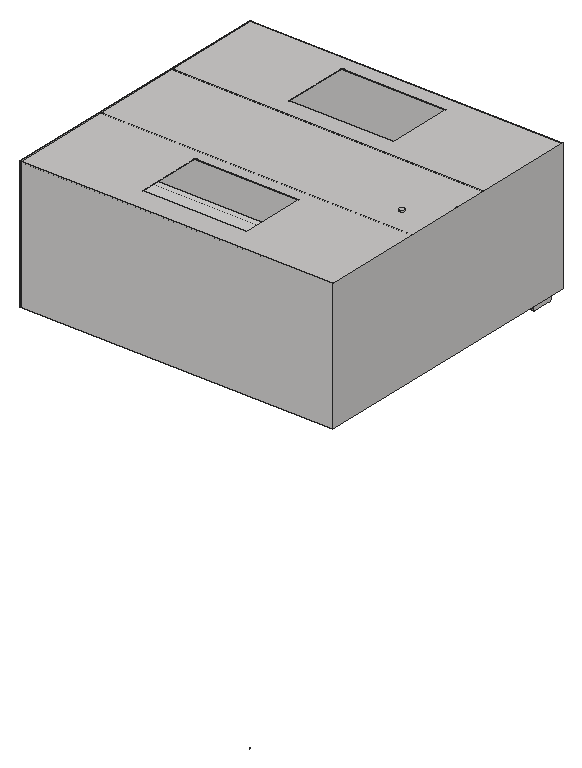
Revit family "QF_ELECTROLUXPROFESSIONAL_641249_STPF1112", category Specialty Equipment, Revit 2014
Reference planes
  plane 1: z = 0
  plane 2 "Center (Left/Right)": x = 150
  plane 3 "LEFT": x = -450
  plane 4 "RIGHT": x = 750
  plane 5 "BACK": y = 550
  plane 6 "TOP": z = 2500
  plane 7 "Base": z = 2000
  plane 8: z = 1955
  plane 9 "DrainY": y = 490
  plane 10: x = -447
  plane 11 "DrainX": x = 630
  plane 12 "AOLeft2": x = 350
  plane 13: x = 747
  plane 14: x = -250
  plane 15: x = 550
  plane 16 "Center (Front/Back)": y = -100
  plane 17 "Front": y = -550
  plane 18 "AOLeft1": x = -50
  plane 19: y = -464
  plane 20: y = -214
  plane 21: y = 240
  plane 22: y = 490
  plane 23 "EI_y": y = -70
  plane 24 "EIx": x = 630
Forms (mm)
  Extrusion 1, solid, material "QF_Finishes_Stainless Steel"
    sketch origin (-450, 0, 360) x (0, 1, 0) y (0, 0, 1)
      loop
        line (550, 1640) -> (550, 2140) -> (-550, 2140) -> (-550, 1640) -> (550, 1640)
    from 0 to 3
  Extrusion 2, solid, material "QF_Finishes_Stainless Steel"
    sketch origin (750, 0, 360) x (0, 1, 0) y (0, 0, 1)
      loop
        line (550, 1640) -> (550, 2140) -> (-550, 2140) -> (-550, 1640) -> (550, 1640)
    from 0 to -3
  Extrusion 3, solid, material "QF_Finishes_Stainless Steel"
    sketch origin (150, 0, 360) x (0, 1, 0) y (0, 0, 1)
      loop
        line (-550, 2140) -> (-550, 1640) -> (-540, 1640) -> (-540, 1640.8) -> (-549.2, 1640.8) -> (-549.2, 2139.19) -> (549.2, 2139.19) -> (549.2, 1640.8) -> (540, 1640.8) -> (540, 1640) -> (550, 1640) -> (550, 2140) -> (-550, 2140)
    from -600 to 600
  Extrusion 4, solid, material "QF_Finishes_Stainless Steel"
    sketch origin (0, 0, 2000) x (0, 1, 0) y (-1, 0, 0)
      loop
        circle (490, -630) r 4.763
    from -30 to 0
  Extrusion 5, void
    sketch origin (0, 0, 2500) x (0, 1, 0) y (-1, 0, 0)
      loop
        line (-214, -350) -> (-214, 50) -> (-464, 50) -> (-464, -350) -> (-214, -350)
    from 0 to -10
  Extrusion 6, solid, material "QF_Finishes_Stainless Steel"
    sketch origin (0, 0, 0) x (1, 0, 0) y (0, 1, 0)
      loop
        line (-450, 550) -> (-450, 549) -> (-449, 549) -> (-449, 550) -> (-450, 550)
    from 0 to 1
  Extrusion 7, solid, material "QF_LAMPS"
    sketch origin (150, 0, 360) x (0, 1, 0) y (0, 0, 1)
      loop
        line (-172.823, 1962.324) -> (-18.948, 2086.929) -> (-27.129, 2097.032) -> (-181.003, 1972.426) -> (-172.823, 1962.324)
    from 597 to -597
  Sweep 8, solid, material "QF_Finishes_Stainless Steel"
    path origin (0, 0, 0) x (1, 0, 0) y (0, 1, 0)
      loop
        line (750, 550) -> (-450, 550) -> (-450, -550) -> (750, -550) -> (750, 550)
    profile origin (750, 0, 0) x (1, 0, 0) y (0, 0, 1)
      loop
        line (-3, 2000) -> (-3, 2000.8) -> (-19, 2000.8) -> (-19, 2010) -> (-20, 2010) -> (-20, 2000) -> (-3, 2000)
  Extrusion 9, solid, material "QF_Finishes_Stainless Steel"
    sketch origin (150, 0, 0) x (0, 1, 0) y (0, 0, 1)
      loop
        line (414.66, 2095.469) -> (440.643, 2110.471) -> (261.744, 2411.771) -> (235.948, 2396.455) -> (414.66, 2095.469)
    from -597 to -400
  Extrusion 10, solid, material "QF_Finishes_Stainless Steel"
    sketch origin (630, 0, 0) x (0, 1, 0) y (0, 0, 1)
      loop
        line (539, 2000) -> (441, 2000) -> (441, 1989) -> (448.5, 1989) -> (448.5, 1965)
        arc (448.5, 1965) -> (451.429, 1957.929) -> (458.5, 1955) r 10
        line (458.5, 1955) -> (521.5, 1955)
        arc (521.5, 1955) -> (528.571, 1957.929) -> (531.5, 1965) r 10
        line (531.5, 1965) -> (531.5, 1989) -> (539, 1989) -> (539, 2000)
    from 90 to -90
  Extrusion 11, solid, material "QF_Finishes_Stainless Steel"
    sketch origin (150, 0, 0) x (0, 1, 0) y (0, 0, 1)
      loop
        line (414.66, 2095.469) -> (440.643, 2110.471) -> (261.744, 2411.771) -> (235.948, 2396.455) -> (414.66, 2095.469)
    from 400 to 597
  Extrusion 12, solid, material "QF_Finished_Chrome"
    sketch origin (150, 0, 0) x (0, 1, 0) y (0, 0, 1)
      loop
        line (414.66, 2095.469) -> (440.643, 2110.471) -> (261.744, 2411.771) -> (235.948, 2396.455) -> (414.66, 2095.469)
    from -400 to 400
  Extrusion 13, void
    sketch origin (0, 1180, 2500) x (0, 1, 0) y (-1, 0, 0)
      loop
        line (-690, -350) -> (-690, 50) -> (-940, 50) -> (-940, -350) -> (-690, -350)
    from 0 to -10
  Extrusion 14, solid, material "QF_Finishes_Stainless Steel"
    sketch origin (0, 0, 2500) x (0, 1, 0) y (-1, 0, 0)
      loop
        circle (-70, -630) r 10
    from 0 to 1.6
  Extrusion 15, solid, material "QF_Finishes_Stainless Steel"
    sketch origin (150, 0, 360) x (0, 1, 0) y (0, 0, 1)
      loop
        line (430.005, 1640) -> (540, 1640) -> (540, 1640.8) -> (430.467, 1640.8) -> (371.906, 1742.23) -> (414.858, 1734.657) -> (442.266, 1750.481) -> (442.266, 1765.943) -> (441.466, 1765.943) -> (441.466, 1750.943) -> (414.709, 1735.495) -> (321.153, 1751.991) -> (320.875, 1750.416) -> (371.4, 1741.507) -> (430.005, 1640)
      loop
        line (172.529, 2139.19) -> (242.893, 2017.316) -> (245.133, 2018.715) -> (240.13, 2027.381) -> (238.569, 2026.405) -> (173.453, 2139.19) -> (172.529, 2139.19)
    from -597 to 597
  Extrusion 16, solid, material "QF_Finishes_Stainless Steel"
    sketch origin (150, 200.8, 360) x (0, 1, 0) y (0, 0, 1)
      loop
        line (-750, 2139.19) -> (-750, 1640) -> (-686.602, 1640) -> (-599.146, 1690.493) -> (-610.058, 1709.394) -> (-666.564, 1676.77) -> (-714.704, 1680.982) -> (-749.2, 1730.248) -> (-749.2, 2139.19) -> (-750, 2139.19)
      loop
        line (-373.6, 1961.694) -> (-381.937, 1971.99) -> (-369.095, 1982.182) -> (-369.095, 2139.19) -> (-369.895, 2139.19) -> (-369.895, 1982.569) -> (-682.298, 1734.63) -> (-671.091, 1720.79) -> (-373.6, 1961.694)
      loop
        line (-227.61, 2099.216) -> (-218.171, 2087.559) -> (-154.411, 2139.19) -> (-155.682, 2139.19) -> (-218.052, 2088.684) -> (-226.989, 2099.719) -> (-227.61, 2099.216)
    from -597 to 597
  Extrusion 17, solid, material "QF_Finishes_Stainless Steel"
    sketch origin (0, 0, 2500) x (0, 1, 0) y (-1, 0, 0)
      loop
        circle (-70, -630) r 10
    from 0 to 1.6
Cuts and joins
  Extrusion 5, Extrusion 13 cuts Extrusion 3
  joined: Extrusion 2, Extrusion 3, Sweep 8
Lines and regions (mm)
  symbolic lines, style "SpecialityEquipment", detail levels coarse
    curve 1: line (750, 550, 2500) -> (-450, 550, 2500)
    curve 2: line (-450, 550, 2500) -> (-450, -550, 2500)
    curve 3: line (750, -550, 2500) -> (750, 550, 2500)
    curve 4: line (-450, 550, 0) -> (750, -550, 0)
    curve 5: line (750, 550, 0) -> (-450, -550, 0)
    curve 6: line (-450, -550, 0) -> (750, -550, 0)
  symbolic lines, detail levels coarse
    curve 7: line (-50, 240, 2500) -> (350, 240, 2500)
    curve 8: line (-50, 490, 2500) -> (-50, 240, 2500)
    curve 9: line (350, 490, 2500) -> (-50, 490, 2500)
    curve 10: line (350, 240, 2500) -> (350, 490, 2500)
    curve 11: line (-50, -214, 2500) -> (350, -214, 2500)
    curve 12: line (-50, -464, 2500) -> (-50, -214, 2500)
    curve 13: line (350, -464, 2500) -> (-50, -464, 2500)
    curve 14: line (350, -214, 2500) -> (350, -464, 2500)
Dimensions and locks
  plane 3 "LEFT" to plane 4 "RIGHT" = 1200 mm
  equal spacing: plane 3 "LEFT", plane 2 "Center (Left/Right)", plane 4 "RIGHT"
  plane 7 "Base" to plane 8 = 45 mm
  plane 5 "BACK" to plane 9 "DrainY" = 60 mm  (x2)
  plane 3 "LEFT" to plane 10 = 3 mm
  plane 11 "DrainX" to plane 4 "RIGHT" = 120 mm
  plane 13 to plane 4 "RIGHT" = 3 mm
  plane 3 "LEFT" to plane 14 = 200 mm
  plane 15 to plane 4 "RIGHT" = 200 mm
  locked: plane 7 "Base" to level at 2000
  locked: plane 6 "TOP" to plane 7 "Base" at 500
  locked: plane 20 to plane 19 at 250
  locked: plane 19 to plane 17 "Front" at 86
  locked: plane 22 to plane 21 at 250
  locked: plane 5 "BACK" to plane 22 at 60
  locked: plane 23 "EI_y" to plane 17 "Front" at 480
  locked: plane 24 "EIx" to plane 4 "RIGHT" at 120
  locked: plane 18 "AOLeft1" to plane 12 "AOLeft2" at 400
  equal spacing: plane 18 "AOLeft1", plane 2 "Center (Left/Right)", plane 12 "AOLeft2"
  locked: plane 5 "BACK" to plane 17 "Front" at 1100
  plane 5 "BACK" to plane 17 "Front" = 1100 mm
  aligned and locked: level to plane 1
  aligned and locked: plane 4 "RIGHT" to Extrusion 3
  aligned and locked: Extrusion 3 to plane 3 "LEFT"
  aligned and locked: Extrusion 2 to plane 13
  aligned and locked: Extrusion 9 to plane 10
  aligned and locked: Extrusion 5 to plane 18 "AOLeft1"
  aligned and locked: Extrusion 5 to plane 12 "AOLeft2"
  aligned and locked: plane 14 to Extrusion 9
  aligned and locked: plane 15 to Extrusion 11
  aligned and locked: plane 13 to Extrusion 11
  aligned and locked: Extrusion 12 to plane 14
  aligned and locked: Extrusion 12 to plane 15
  aligned and locked: plane 13 to Extrusion 7
  aligned and locked: Extrusion 7 to plane 10
  aligned and locked: Extrusion 13 to plane 21
  aligned and locked: plane 22 to Extrusion 13
  aligned and locked: Extrusion 13 to plane 18 "AOLeft1"
  aligned and locked: Extrusion 13 to plane 12 "AOLeft2"
  aligned and locked: Extrusion 15 to plane 10
  aligned and locked: plane 13 to Extrusion 15
  aligned and locked: Extrusion 5 to plane 19
  aligned and locked: plane 20 to Extrusion 5
  aligned and locked: Extrusion 16 to Extrusion 1
  aligned and locked: plane 13 to Extrusion 16
Automatic sketch dimensions
  curve 6 to plane 3 "LEFT" = 0 mm
  curve 4 to plane 3 "LEFT" = 0 mm
  curve 5 to plane 4 "RIGHT" = 0 mm
  curve 6 to plane 4 "RIGHT" = 0 mm
  curve 4 to plane 17 "Front" = 0 mm
  curve 4 to plane 5 "BACK" = 0 mm
  curve 5 to plane 5 "BACK" = 0 mm
  Extrusion 1 sketch curve to plane 7 "Base" = 0 mm
  Extrusion 1 sketch curve to plane 17 "Front" = 0 mm
  Extrusion 1 sketch curve to plane 5 "BACK" = 0 mm
  Extrusion 1 sketch curve to plane 6 "TOP" = 0 mm
  Extrusion 2 sketch curve to plane 7 "Base" = 0 mm
  Extrusion 2 sketch curve to plane 17 "Front" = 0 mm
  Extrusion 2 sketch curve to plane 5 "BACK" = 0 mm
  Extrusion 2 sketch curve to plane 6 "TOP" = 0 mm
  Extrusion 3 sketch curve to plane 6 "TOP" = 0 mm
  Extrusion 3 sketch curve to plane 17 "Front" = 0 mm
  Extrusion 3 sketch curve to plane 7 "Base" = 0 mm  (x2)
  Extrusion 3 sketch curve to plane 5 "BACK" = 0 mm
  plane 17 "Front" to Extrusion 3 sketch curve = 0.8 mm
  Extrusion 3 sketch curve to Extrusion 3 sketch curve = 9.2 mm
  plane 7 "Base" to Extrusion 3 sketch curve = 0.8 mm  (x2)
  Extrusion 3 sketch curve to plane 5 "BACK" = 10 mm
  Extrusion 3 sketch curve to plane 5 "BACK" = 0.8 mm
  Extrusion 3 sketch curve to plane 6 "TOP" = 0.81 mm
  Extrusion 4 sketch curve to plane 9 "DrainY" = 0 mm
  Extrusion 4 sketch curve to plane 11 "DrainX" = 0 mm
  Extrusion 5 sketch curve to plane 12 "AOLeft2" = 0 mm
  Extrusion 5 sketch curve to plane 18 "AOLeft1" = 0 mm
  plane 19 to Extrusion 5 sketch curve = 0 mm
  Extrusion 5 sketch curve to plane 23 "EI_y" = 144 mm
  Extrusion 6 sketch curve to plane 3 "LEFT" = 0 mm
  Extrusion 6 sketch curve to plane 5 "BACK" = 0 mm
  plane 3 "LEFT" to Extrusion 6 sketch curve = 1 mm
  Extrusion 6 sketch curve to Extrusion 6 sketch curve = 1 mm
  plane 20 to Extrusion 7 sketch curve = 32.997 mm
  Extrusion 7 sketch curve to Extrusion 7 sketch curve = 8.181 mm  (x2)
  plane 23 "EI_y" to Extrusion 7 sketch curve = 42.871 mm
  Extrusion 7 sketch curve to plane 6 "TOP" = 177.676 mm
  Extrusion 7 sketch curve to Extrusion 7 sketch curve = 10.102 mm
  Extrusion 7 sketch curve to plane 6 "TOP" = 53.071 mm
  Extrusion 7 sketch curve to Extrusion 7 sketch curve = 10.103 mm
  Sweep 8 sketch curve to plane 3 "LEFT" = 0 mm
  Sweep 8 sketch curve to plane 4 "RIGHT" = 0 mm
  Sweep 8 sketch curve to plane 17 "Front" = 0 mm
  Sweep 8 sketch curve to plane 5 "BACK" = 0 mm
  profile plane to Sweep 8 sketch curve = 20 mm
  Sweep 8 sketch curve to Sweep 8 sketch curve = 1 mm
  profile plane to Sweep 8 sketch curve = 3 mm
  level to Sweep 8 sketch curve = 2000 mm
  Sweep 8 sketch curve to Sweep 8 sketch curve = 0.8 mm
  Sweep 8 sketch curve to Sweep 8 sketch curve = 9.2 mm
  Extrusion 9 sketch curve to plane 21 = 4.052 mm
  plane 21 to Extrusion 9 sketch curve = 21.744 mm
  Extrusion 9 sketch curve to plane 9 "DrainY" = 75.34 mm
  Extrusion 9 sketch curve to Extrusion 9 sketch curve = 25.983 mm
  plane 7 "Base" to Extrusion 9 sketch curve = 95.469 mm
  Extrusion 9 sketch curve to Extrusion 9 sketch curve = 15.001 mm
  Extrusion 9 sketch curve to plane 6 "TOP" = 103.545 mm
  Extrusion 9 sketch curve to Extrusion 9 sketch curve = 15.316 mm
  Extrusion 10 sketch curve to plane 8 = 0 mm
  Extrusion 10 sketch curve to plane 7 "Base" = 11 mm  (x2)
  Extrusion 10 sketch curve to plane 9 "DrainY" = 49 mm
  Extrusion 10 sketch curve to Extrusion 10 sketch curve = 7.5 mm  (x2)
  Extrusion 10 sketch curve to Extrusion 10 sketch curve = 10 mm
  Extrusion 10 sketch curve to plane 5 "BACK" = 28.5 mm
  Extrusion 10 sketch curve to plane 5 "BACK" = 18.5 mm
  plane 7 "Base" to Extrusion 10 sketch curve = 0 mm
  Extrusion 11 sketch curve to plane 21 = 4.052 mm
  plane 21 to Extrusion 11 sketch curve = 21.744 mm
  Extrusion 11 sketch curve to plane 9 "DrainY" = 75.34 mm
  Extrusion 11 sketch curve to Extrusion 11 sketch curve = 25.983 mm
  plane 7 "Base" to Extrusion 11 sketch curve = 95.469 mm
  Extrusion 11 sketch curve to Extrusion 11 sketch curve = 15.001 mm
  Extrusion 11 sketch curve to plane 6 "TOP" = 103.545 mm
  Extrusion 11 sketch curve to Extrusion 11 sketch curve = 15.316 mm
  Extrusion 12 sketch curve to plane 21 = 4.052 mm
  plane 21 to Extrusion 12 sketch curve = 21.744 mm
  Extrusion 12 sketch curve to plane 9 "DrainY" = 75.34 mm
  Extrusion 12 sketch curve to Extrusion 12 sketch curve = 25.983 mm
  plane 7 "Base" to Extrusion 12 sketch curve = 95.469 mm
  Extrusion 12 sketch curve to Extrusion 12 sketch curve = 15.001 mm
  Extrusion 12 sketch curve to plane 6 "TOP" = 103.545 mm
  Extrusion 12 sketch curve to Extrusion 12 sketch curve = 15.316 mm
  Extrusion 13 sketch curve to plane 12 "AOLeft2" = 0 mm
  Extrusion 13 sketch curve to plane 21 = 0 mm
  Extrusion 13 sketch curve to plane 9 "DrainY" = 0 mm
  Extrusion 13 sketch curve to plane 18 "AOLeft1" = 0 mm
  Extrusion 14 sketch curve to plane 23 "EI_y" = 0 mm
  Extrusion 14 sketch curve to plane 24 "EIx" = 0 mm
  Extrusion 15 sketch curve to plane 7 "Base" = 0 mm
  Extrusion 15 sketch curve to plane 6 "TOP" = 0.81 mm
  Extrusion 15 sketch curve to plane 21 = 67.471 mm
  Extrusion 15 sketch curve to Extrusion 15 sketch curve = 0.924 mm
  Extrusion 15 sketch curve to plane 21 = 1.431 mm
  plane 21 to Extrusion 15 sketch curve = 0.13 mm
  plane 21 to Extrusion 15 sketch curve = 2.893 mm
  Extrusion 15 sketch curve to Extrusion 15 sketch curve = 2.24 mm
  plane 21 to Extrusion 15 sketch curve = 80.875 mm
  Extrusion 15 sketch curve to Extrusion 15 sketch curve = 0.278 mm
  Extrusion 15 sketch curve to Extrusion 15 sketch curve = 50.525 mm
  Extrusion 15 sketch curve to Extrusion 15 sketch curve = 0.506 mm
  Extrusion 15 sketch curve to Extrusion 15 sketch curve = 42.803 mm
  Extrusion 15 sketch curve to Extrusion 15 sketch curve = 0.148 mm
  Extrusion 15 sketch curve to plane 9 "DrainY" = 59.995 mm
  plane 7 "Base" to Extrusion 15 sketch curve = 0.8 mm
  Extrusion 15 sketch curve to Extrusion 15 sketch curve = 0.462 mm  (x2)
  Extrusion 15 sketch curve to Extrusion 15 sketch curve = 109.533 mm
  Extrusion 15 sketch curve to Extrusion 15 sketch curve = 26.757 mm
  Extrusion 15 sketch curve to Extrusion 15 sketch curve = 0.8 mm
  plane 7 "Base" to Extrusion 15 sketch curve = 94.657 mm
  Extrusion 15 sketch curve to Extrusion 15 sketch curve = 0.838 mm
  Extrusion 15 sketch curve to Extrusion 15 sketch curve = 6.012 mm
  Extrusion 15 sketch curve to Extrusion 15 sketch curve = 0.723 mm
  Extrusion 15 sketch curve to Extrusion 15 sketch curve = 14.986 mm
  Extrusion 15 sketch curve to Extrusion 15 sketch curve = 15 mm
  Extrusion 15 sketch curve to plane 6 "TOP" = 122.684 mm
  Extrusion 15 sketch curve to Extrusion 15 sketch curve = 1.399 mm
  Extrusion 15 sketch curve to Extrusion 15 sketch curve = 9.089 mm
  Extrusion 15 sketch curve to Extrusion 15 sketch curve = 0.975 mm
  Extrusion 16 sketch curve to plane 7 "Base" = 0 mm
  Extrusion 16 sketch curve to Extrusion 16 sketch curve = 0.8 mm  (x2)
  plane 7 "Base" to Extrusion 16 sketch curve = 40.982 mm
  Extrusion 16 sketch curve to Extrusion 16 sketch curve = 35.296 mm
  Extrusion 16 sketch curve to Extrusion 16 sketch curve = 28.102 mm
  plane 7 "Base" to Extrusion 16 sketch curve = 94.63 mm
  Extrusion 16 sketch curve to Extrusion 16 sketch curve = 32.405 mm
  plane 7 "Base" to Extrusion 16 sketch curve = 80.79 mm
  Extrusion 16 sketch curve to Extrusion 16 sketch curve = 11.207 mm
  plane 7 "Base" to Extrusion 16 sketch curve = 36.77 mm
  Extrusion 16 sketch curve to Extrusion 16 sketch curve = 20.038 mm
  plane 7 "Base" to Extrusion 16 sketch curve = 69.394 mm
  Extrusion 16 sketch curve to Extrusion 16 sketch curve = 61.033 mm
  plane 7 "Base" to Extrusion 16 sketch curve = 50.493 mm
  Extrusion 16 sketch curve to Extrusion 16 sketch curve = 10.912 mm
  Extrusion 16 sketch curve to plane 6 "TOP" = 168.01 mm
  Extrusion 16 sketch curve to Extrusion 16 sketch curve = 228.121 mm
  Extrusion 16 sketch curve to plane 6 "TOP" = 178.306 mm
  Extrusion 16 sketch curve to Extrusion 16 sketch curve = 8.337 mm
  Extrusion 16 sketch curve to plane 6 "TOP" = 157.431 mm
  Extrusion 16 sketch curve to Extrusion 16 sketch curve = 12.042 mm
  Extrusion 16 sketch curve to plane 6 "TOP" = 157.818 mm
  Extrusion 16 sketch curve to plane 6 "TOP" = 40.784 mm
  Extrusion 16 sketch curve to Extrusion 16 sketch curve = 141.485 mm
  Extrusion 16 sketch curve to plane 6 "TOP" = 40.281 mm
  Extrusion 16 sketch curve to Extrusion 16 sketch curve = 0.622 mm
  Extrusion 16 sketch curve to plane 6 "TOP" = 52.441 mm
  Extrusion 16 sketch curve to plane 6 "TOP" = 51.316 mm
  Extrusion 16 sketch curve to plane 6 "TOP" = 0.81 mm  (x3)
  Extrusion 16 sketch curve to Extrusion 16 sketch curve = 62.37 mm
  Extrusion 16 sketch curve to Extrusion 16 sketch curve = 1.271 mm
  Extrusion 16 sketch curve to Extrusion 16 sketch curve = 49.266 mm
  Extrusion 17 sketch curve to plane 23 "EI_y" = 0 mm
  Extrusion 17 sketch curve to plane 24 "EIx" = 0 mm
  plane 17 "Front" to Extrusion 16 sketch curve = 0.8 mm
  curve 2 to plane 3 "LEFT" = 0 mm
  curve 2 to plane 17 "Front" = 0 mm
  curve 3 to plane 4 "RIGHT" = 0 mm
  curve 3 to plane 17 "Front" = 0 mm
  curve 13 to plane 18 "AOLeft1" = 0 mm
  curve 13 to plane 19 = 0 mm
  curve 14 to plane 12 "AOLeft2" = 0 mm
  curve 14 to plane 20 = 0 mm
  curve 7 to plane 18 "AOLeft1" = 0 mm
  curve 7 to plane 21 = 0 mm
  curve 8 to plane 9 "DrainY" = 0 mm
  curve 2 to plane 5 "BACK" = 0 mm
  curve 10 to plane 12 "AOLeft2" = 0 mm
  radius of Extrusion 4 sketch curve = 4.763 mm
  radius of Extrusion 14 sketch curve = 10 mm
  radius of Extrusion 17 sketch curve = 10 mm
Connectors
  piping at (630, 490, 1970), diameter 9.5
    settings: on Extrusion 4, index 1, connector inside diameter 609.6 mm, connector length 0 mm, flow factor 0, pipe flow 0.0 L/s, pressure drop 0.0 Pa, fitting loss kfactor 0, connector angle 0.00°, fixture units 0, engagement length 0 mm, angle of deflection 0.00°, flow configuration 1, flow direction 2, fitting loss method 0, system type 16, joint type 0, gender type 0, connector reference index -1, connector utility 0, adjustable connector no, is connector primary yes, connector description "Drain"
  hvac at (150, -339, 2500)
    settings: on Extrusion 5, index 2, duct flow 0.0 L/s, flow factor 0, pres drop 0.0 Pa, loss coef 0, conn angle 0.00°, conn width 250 mm, conn height 400 mm, conn diameter 609.6 mm, duct sys type 1, conn prof type 1, flow config 1, flow direction 1, loss method 0, conn ref index -1, conn util no, is conn primary yes, conn desc "AIR INLET"
  hvac at (150, 365, 2500)
    settings: on Extrusion 13, index 4, duct flow 0.0 L/s, flow factor 0, pres drop 0.0 Pa, loss coef 0, conn angle 0.00°, conn width 250 mm, conn height 400 mm, conn diameter 609.6 mm, duct sys type 3, conn prof type 1, flow config 1, flow direction 2, loss method 0, conn ref index -1, conn util no, is conn primary no, conn desc "EXHAUST OUTLET"
  electrical at (630, -70, 2501.6)
    settings: on Extrusion 14, index 6, voltage 0 V, apparent load 0 VA, apparent load phase1 0 VA, apparent load phase2 0 VA, apparent load phase3 0 VA, power factor 1, load classification "Other", number of poles 1, system type 30, power factor state 1, is connector primary yes, connector utility no, sub classification motor no, connector description "Electrical Connection"
  electrical at (630, -70, 2501.6)
    settings: on Extrusion 17, index 12, voltage 0 V, apparent load 0 VA, apparent load phase1 0 VA, apparent load phase2 0 VA, apparent load phase3 0 VA, power factor 1, load classification "Other", number of poles 1, system type 30, power factor state 1, is connector primary no, connector utility no, sub classification motor no, connector description ""
